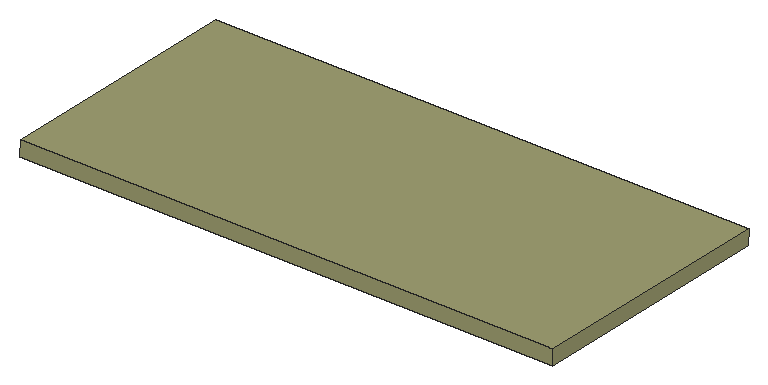
Revit family "Ecowool Brownie Blanket (24kgm3)", category Generic Models, host Face, Revit 2020
Family settings
  Host = Face
  Can host rebar = No
  Round Connector Dimension = Use Diameter
  Part Type = Normal
  Cut with Voids When Loaded = No
  Shared = No
  Room Calculation Point = No
Parameters (values of type "EWBL 1.45 (50mm)")
  Width [instance] = 800 mm
  URL = "www.ecowool.com.my"
  Type of Insulation = "Glass Mineral Wool Blanket"
  Thermal R value = 1.45
  Thermal K value = 0.0342
  Remarks = ""
  Material Specification = ""
  Manufacturer = "PGF Insulation Sdn. Bhd."
  Insulation Thickness = 50 mm
  Length(mm) [instance] = 1740 mm
  Finish = Brownie Blanket
  ECOWOOL Product thickness in mm = ""
  Description = "ECOWOOL Brownie blanket and slabs are resilient, non-combustible, glass mineral wool products, supplied at roofing and walling application for residential and commercial building"
  Density = 24.00 kg/m³
  Default Elevation = 1219.2 mm
Types (4, lengths in mm): name | Thermal R value | Insulation Thickness
  (no name) | 1.45 | 50
  EWBL 1.45 (50mm) | 1.45 | 50
  EWBL 2.20 (75mm) | 2.2 | 75
  EWBL 2.90 (100mm) | 2.9 | 100
Reference planes
  plane 1 "Center (Front/Back)": y = 0
  plane 2: z = 0
  plane 3 "Center (Left/Right)": x = 0
  plane 4: x = 1740
  plane 5: y = -400
  plane 6: y = 400
Forms (mm)
  Sweep 1, solid, material "Brownie Blanket" <- "Finish"
    path origin (0, 0, 0) x (1, 0, 0) y (0, 1, 0)
      loop
        line (0, 0) -> (1740, 0)
    profile origin (870, 0, 0) x (0, 1, 0) y (0, 0, 1)
      loop
        line (-400, 50) -> (-400, 0) -> (400, 0) -> (400, 50) -> (-400, 50)
Lines and regions (mm)
  reference lines
    curve 1: line (0, 0, 0) -> (1740, 0, 0)
Dimensions and locks
  "Width": plane 5 to plane 6
  equal spacing: plane 5, plane 1 "Center (Front/Back)", plane 6
  "Length(mm)": plane 3 "Center (Left/Right)" to plane 4
  "Insulation Thickness": host face to Sweep 1 sketch curve
  aligned and locked: plane 2 to host face
  aligned and locked: level to host face
  aligned and locked: plane 3 "Center (Left/Right)" to curve 1
  aligned and locked: plane 4 to curve 1
  aligned and locked: plane 3 "Center (Left/Right)" to Sweep 1 sketch curve
  aligned and locked: plane 4 to Sweep 1 sketch curve
  aligned and locked: level to Sweep 1 sketch curve
  aligned and locked: plane 6 to Sweep 1 sketch curve
  aligned and locked: Sweep 1 sketch curve to plane 5
Automatic sketch dimensions
  host sketch curve to host sketch curve = 1616.306 mm
  host sketch curve to host sketch curve = 2438.4 mm
  plane 1 "Center (Front/Back)" to curve 1 = 0 mm
  plane 1 "Center (Front/Back)" to Sweep 1 sketch curve = 0 mm
